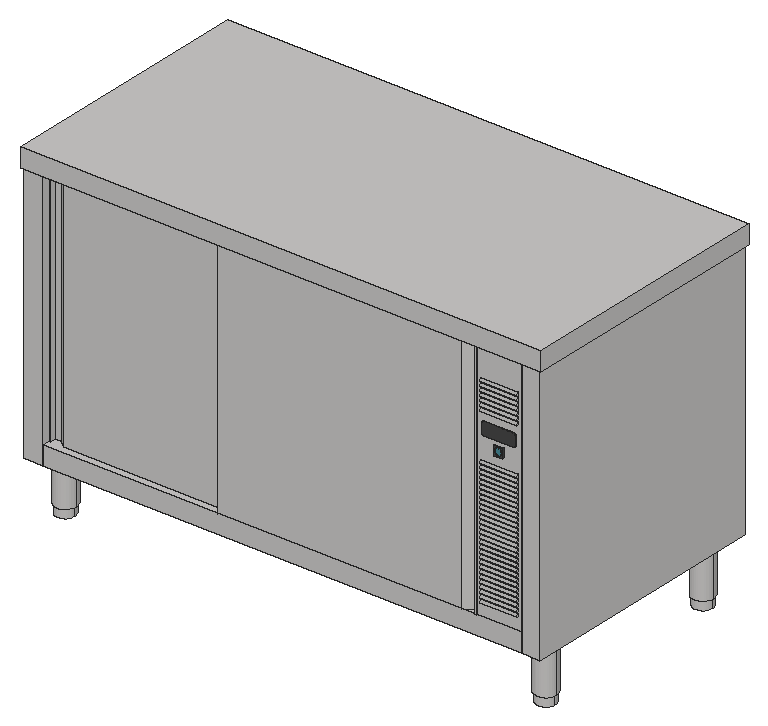
Revit family "QF_ELECTROLUXPROFESSIONAL_133098_TCD1400EN", category Attrezzature speciali, Revit 2020
Family settings
  Quota connettore circolare = Usa diametro
  Tipo di parte = Normale
  Basato su piano di lavoro = No
  Sempre verticale = Sì
  Taglio con vuoti quando caricato = No
  Condiviso = No
  Punto di calcolo locali = No
Parameters (values of type "Standard")
  Weight = 60.00 kg
  Watts = 2400 W
  Volts = 220 V
  URL Manufacturer = "https://www.electroluxprofessional.com/"
  URL = "https://www.electroluxprofessional.com/"
  Steam Supply Size = 0 mm
  Steam Supply Minimum Pressure = 0.0 Pa
  Steam Supply Maximum Pressure = 0.0 Pa
  Steam Consumption per Hour = 0
  Refrigeration Suction Line Size = 0.0 mm
  Refrigeration Liquid Line Size = 0.0 mm
  Refrigerant Compressor Remote = yes
  Prospetto di default = 0.0 mm
  Produttore = "Electrolux Professional"
  Phase = 1
  Modello = "TCD1400EN"
  Length Actual = 1400.0 mm  # constant formula
  Item Number = "133098"
  Hot Water Size = 0 mm
  Height Actual = 900.0 mm  # constant formula
  HP = "3.2 HP"
  Gas Size = 0 mm
  Gas KW = 0
  Gas Input Pressure = 0 W
  Direct Waste Size = 0 mm
  Descrizione = "HOT PASS-THROUGH CUPBOARD 1400 MM"
  Depth Actual = 700.0 mm  # constant formula
  Cycle = 50 Hz
  Condensate Return Size = 0 mm
  Compressed Air Volume = 0.0 L/s
  Compressed Air Size = 0 mm
  Compressed Air Pressure = 0.0 Pa
  Cold Water Size = 0 mm
  Accessory = yes
Reference planes
  plane 1 "Center (Front/Back)": y = 0
  plane 2: z = 0
  plane 3 "Center (Left/Right)": x = -200
  plane 4 "LEFT": x = -900
  plane 5 "RIGHT": x = 500
  plane 6 "BACK": y = 350
  plane 7 "FRONT": y = -350
  plane 8 "Base": z = 850
  plane 9 "TOP": z = 900
  plane 10: x = -846.5
  plane 11: x = 446.5
  plane 12: y = 264.5
  plane 13: y = -264.5
  plane 14 "BodyLeft": x = -894.5
  plane 15 "BodyFront": y = -344.5
  plane 16 "BodyRight": x = 494.5
  plane 17 "BodyBack": y = 344.5
  plane 18 "FEET": z = 150
  plane 19: x = 324.5
  plane 20: x = -261
  plane 21: x = 444.5
  plane 22: x = 400
  plane 23: y = -170
Forms (mm)
  Extrusion 1, solid, material "QF_Finishes_Stainless Steel"
    sketch origin (-200, 0, 0) x (0, 1, 0) y (0, 0, 1)
      loop
        line (-350, 850) -> (350, 850) -> (350, 900) -> (-350, 900) -> (-350, 850)
    from 700 to -700
  Extrusion 2, solid, material "QF_Finishes_Stainless Steel"
    sketch origin (0, 0, 150) x (-1, 0, 0) y (0, -1, 0)
      loop
        line (894.5, -344.5) -> (894.5, 344.5) -> (844.5, 344.5) -> (844.5, -344.5) -> (894.5, -344.5)
      loop
        line (-444.5, -344.5) -> (-444.5, 344.5) -> (-494.5, 344.5) -> (-494.5, -344.5) -> (-444.5, -344.5)
    from 0 to 700
  Extrusion 3, solid, material "QF_Finishes_Stainless Steel"
    sketch origin (0, 0, 150) x (-1, 0, 0) y (0, -1, 0)
      loop
        line (844.5, -344.5) -> (844.5, 344.5) -> (-444.5, 344.5) -> (-444.5, -344.5) -> (844.5, -344.5)
    from 0 to 50
  Extrusion 4, solid, material "QF_Finishes_Stainless Steel"
    sketch origin (-1, 0, 150) x (-1, 0, 0) y (0, -1, 0)
      loop
        line (-325.5, 344.5) -> (-325.5, 324.5) -> (370.5, 324.5) -> (370.5, 344.5) -> (-285.5, 344.5) -> (-305.5, 329.5) -> (-320.5, 329.5) -> (-320.5, 344.5) -> (-325.5, 344.5)
    from 50 to 700
  Extrusion 5, solid, material "QF_Finishes_Stainless Steel"
    sketch origin (1, 20, 150) x (1, 0, 0) y (0, 1, 0)
      loop
        line (-845.5, -344.5) -> (-840.5, -344.5) -> (-840.5, -329.5) -> (-825.5, -329.5) -> (-805.5, -344.5) -> (-151.5, -344.5) -> (-151.5, -324.5) -> (-845.5, -324.5) -> (-845.5, -344.5)
    from 50 to 700
  Extrusion 6, solid, material "QF_Finishes_Stainless Steel"
    sketch origin (0, 0, 0) x (1, 0, 0) y (0, 1, 0)
      loop
        line (-844.5, -304.5) -> (324.5, -304.5) -> (324.5, 304.5) -> (-844.5, 304.5) -> (-844.5, -304.5)
    from 500 to 540
  Extrusion 7, solid, material "QF_Finishes_Stainless Steel"
    sketch origin (-1, 0, 150) x (-1, 0, 0) y (0, -1, 0)
      loop
        line (-325.5, -344.5) -> (-320.5, -344.5) -> (-320.5, -329.5) -> (-305.5, -329.5) -> (-285.5, -344.5) -> (370.5, -344.5) -> (370.5, -324.5) -> (-325.5, -324.5) -> (-325.5, -344.5)
    from 50 to 700
  Extrusion 8, solid, material "QF_Finishes_Stainless Steel"
    sketch origin (1, -20, 150) x (1, 0, 0) y (0, 1, 0)
      loop
        line (-845.5, 344.5) -> (-845.5, 324.5) -> (-151.5, 324.5) -> (-151.5, 344.5) -> (-805.5, 344.5) -> (-825.5, 329.5) -> (-840.5, 329.5) -> (-840.5, 344.5) -> (-845.5, 344.5)
    from 50 to 700
  Extrusion 9, solid, material "QF_Finishes_Stainless Steel"
    sketch origin (0, 0, 0) x (1, 0, 0) y (0, 1, 0)
      loop
        line (444.5, 344.5) -> (324.5, 344.5) -> (324.5, 324.5) -> (444.5, 324.5) -> (444.5, 344.5)
    from 200 to 850
  Extrusion 10, solid, material "QF_Finishes_Stainless Steel"
    sketch origin (0, 0, 150) x (-1, 0, 0) y (0, -1, 0)
      loop
        circle (-400, 170) r 10
    from 0 to -5
Cuts and joins
  joined: Extrusion 3, Extrusion 9
Lines and regions (mm)
  symbolic lines
    curve 1: line (500, 350, 900) -> (-900, 350, 900)
    curve 2: line (-900, 350, 900) -> (-900, -350, 900)
    curve 3: line (-900, -350, 900) -> (500, -350, 900)
    curve 4: line (500, -350, 900) -> (500, 350, 900)
    curve 5: line (-900, 337, 900) -> (500, 337, 900)
  symbolic lines, style "SpecialityEquipmentHiddenLines"
    curve 6: line (-894.5, 344.5, 150) -> (494.5, 344.5, 150)
    curve 7: line (-894.5, -344.5, 150) -> (-894.5, 344.5, 150)
    curve 8: line (494.5, -344.5, 150) -> (-894.5, -344.5, 150)
    curve 9: line (494.5, 344.5, 150) -> (494.5, -344.5, 150)
    curve 10: line (-845.5, -304.5, 150) -> (-149.5, -304.5, 150)
    curve 11: line (-149.5, -304.5, 150) -> (-149.5, -324.5, 150)
    curve 12: line (-845.5, -324.5, 150) -> (444.5, -324.5, 150)
    curve 13: line (444.5, -324.5, 150) -> (444.5, -344.5, 150)
    curve 14: line (-845.5, -304.5, 150) -> (-845.5, -324.5, 150)
    curve 15: line (-371.5, -344.5, 0) -> (-371.5, -324.5, 0)
    curve 16: line (-845.5, 304.5, 150) -> (-149.5, 304.5, 150)
    curve 17: line (-845.5, 324.5, 150) -> (444.5, 324.5, 150)
    curve 18: line (-371.5, 344.5, 0) -> (-371.5, 324.5, 0)
    curve 19: line (-150.5, 304.5, 0) -> (-150.5, 324.5, 0)
Dimensions and locks
  plane 4 "LEFT" to plane 5 "RIGHT" = 1400.0 mm
  equal spacing: plane 4 "LEFT", plane 3 "Center (Left/Right)", plane 5 "RIGHT"
  locked: plane 8 "Base" to level at 850
  locked: plane 9 "TOP" to level at 900
  plane 6 "BACK" to plane 7 "FRONT" = 700.0 mm
  equal spacing: plane 6 "BACK", plane 1 "Center (Front/Back)", plane 7 "FRONT"
  locked: plane 4 "LEFT" to plane 14 "BodyLeft" at 5.5
  locked: plane 16 "BodyRight" to plane 5 "RIGHT" at 5.5
  locked: plane 15 "BodyFront" to plane 7 "FRONT" at 5.5
  locked: plane 6 "BACK" to plane 17 "BodyBack" at 5.5
  locked: plane 14 "BodyLeft" to plane 10 at 48
  locked: plane 11 to plane 16 "BodyRight" at 48
  locked: plane 13 to plane 15 "BodyFront" at 80
  locked: plane 17 "BodyBack" to plane 12 at 80
  plane 10 to plane 11 = 1293.0 mm
  plane 12 to plane 13 = 529.0 mm
  locked: plane 14 "BodyLeft" to Extrusion 2 sketch curve at 50
  locked: Extrusion 2 sketch curve to Extrusion 2 sketch curve at 50
  equal spacing: plane 10, plane 20, plane 19
  locked: plane 21 to plane 16 "BodyRight" at 50
  locked: plane 19 to plane 21 at 120
  locked: Extrusion 4 sketch curve to plane 20 at 110.5
  locked: plane 20 to Extrusion 5 sketch curve at 110.5
  locked: plane 18 "FEET" to level at 150
  locked: plane 22 to plane 5 "RIGHT" at 100
  locked: plane 23 to plane 7 "FRONT" at 180
  aligned and locked: level to plane 2
  aligned and locked: plane 10 to nested 1
  aligned and locked: nested 1 to plane 13
  aligned and locked: plane 11 to nested 2
  aligned and locked: nested 2 to plane 13
  aligned and locked: plane 11 to nested 4
  aligned and locked: nested 4 to plane 12
  aligned and locked: plane 10 to nested 3
  aligned and locked: nested 3 to plane 12
  aligned and locked: Extrusion 1 to plane 4 "LEFT"
  aligned and locked: plane 5 "RIGHT" to Extrusion 1
  aligned and locked: curve 2 to plane 4 "LEFT"
  aligned and locked: plane 17 "BodyBack" to Extrusion 2 sketch curve
  aligned and locked: Extrusion 2 sketch curve to plane 15 "BodyFront"
  aligned and locked: Extrusion 2 sketch curve to plane 14 "BodyLeft"
  aligned and locked: plane 16 "BodyRight" to Extrusion 2 sketch curve
  aligned and locked: Extrusion 2 sketch curve to plane 17 "BodyBack"
  aligned and locked: plane 15 "BodyFront" to Extrusion 2 sketch curve
  aligned and locked: Extrusion 3 sketch curve to plane 17 "BodyBack"
  aligned and locked: plane 15 "BodyFront" to Extrusion 3 sketch curve
  aligned and locked: plane 8 "Base" to Extrusion 2
  aligned and locked: plane 8 "Base" to Extrusion 4
  aligned and locked: Extrusion 4 to Extrusion 3
  aligned and locked: Extrusion 1 to plane 8 "Base"
  aligned and locked: plane 9 "TOP" to Extrusion 1
  aligned and locked: curve 6 to plane 17 "BodyBack"
  aligned and locked: plane 14 "BodyLeft" to curve 7
  aligned and locked: plane 15 "BodyFront" to curve 8
  aligned and locked: plane 16 "BodyRight" to curve 9
  aligned and locked: Extrusion 3 to Extrusion 2  (x2)
  aligned and locked: Extrusion 6 sketch curve to Extrusion 2
  aligned and locked: Extrusion 6 sketch curve to Extrusion 5
  aligned and locked: curve 19 to Extrusion 8
  aligned and locked: curve 18 to Extrusion 7
  aligned and locked: nested 5 to plane 21
  aligned and locked: Extrusion 6 sketch curve to plane 19
Automatic sketch dimensions
  Extrusion 7 sketch curve to plane 19 = 0.0 mm
  Extrusion 7 sketch curve to plane 17 "BodyBack" = 0.0 mm  (x2)
  Extrusion 7 sketch curve to Extrusion 7 sketch curve = 5.0 mm
  Extrusion 7 sketch curve to Extrusion 7 sketch curve = 15.0 mm
  Extrusion 7 sketch curve to Extrusion 7 sketch curve = 20.0 mm
  plane 17 "BodyBack" to Extrusion 7 sketch curve = 20.0 mm
  plane 20 to Extrusion 7 sketch curve = 110.5 mm
  plane 17 "BodyBack" to Extrusion 7 sketch curve = 15.0 mm
  curve 15 to plane 15 "BodyFront" = 0.0 mm
  plane 15 "BodyFront" to curve 15 = 20.0 mm
  curve 15 to plane 20 = 110.5 mm
  curve 3 to plane 7 "FRONT" = 0.0 mm
  curve 5 to plane 5 "RIGHT" = 0.0 mm
  curve 4 to plane 6 "BACK" = 0.0 mm
  curve 5 to plane 17 "BodyBack" = 7.5 mm
  Extrusion 1 sketch curve to plane 7 "FRONT" = 0.0 mm
  Extrusion 1 sketch curve to plane 6 "BACK" = 0.0 mm
  Extrusion 1 sketch curve to plane 8 "Base" = 0.0 mm
  Extrusion 1 sketch curve to plane 9 "TOP" = 0.0 mm
  Extrusion 3 sketch curve to plane 21 = 0.0 mm
  plane 10 to Extrusion 3 sketch curve = 2.0 mm
  Extrusion 4 sketch curve to plane 19 = 0.0 mm
  Extrusion 4 sketch curve to plane 15 "BodyFront" = 0.0 mm  (x2)
  Extrusion 4 sketch curve to Extrusion 4 sketch curve = 5.0 mm
  Extrusion 4 sketch curve to Extrusion 4 sketch curve = 15.0 mm  (x2)
  Extrusion 4 sketch curve to Extrusion 4 sketch curve = 20.0 mm  (x2)
  Extrusion 5 sketch curve to plane 15 "BodyFront" = 20.0 mm  (x2)
  Extrusion 5 sketch curve to plane 10 = 42.0 mm
  Extrusion 5 sketch curve to plane 10 = 22.0 mm
  Extrusion 5 sketch curve to plane 10 = 7.0 mm
  Extrusion 5 sketch curve to plane 10 = 2.0 mm
  Extrusion 5 sketch curve to Extrusion 5 sketch curve = 15.0 mm
  Extrusion 5 sketch curve to Extrusion 5 sketch curve = 20.0 mm
  curve 13 to plane 21 = 0.0 mm
  curve 17 to plane 21 = 0.0 mm
  curve 8 to plane 15 "BodyFront" = 0.0 mm
  plane 3 "Center (Left/Right)" to curve 10 = 50.5 mm
  plane 10 to curve 12 = 1.0 mm
  plane 15 "BodyFront" to curve 10 = 40.0 mm
  curve 12 to curve 13 = 20.0 mm
  plane 3 "Center (Left/Right)" to curve 16 = 50.5 mm
  plane 10 to curve 17 = 1.0 mm
  plane 10 to curve 16 = 1.0 mm
  curve 17 to plane 17 "BodyBack" = 20.0 mm
  plane 12 to curve 16 = 40.0 mm
  plane 12 to Extrusion 6 sketch curve = 40.0 mm
  plane 10 to Extrusion 8 sketch curve = 2.0 mm
  Extrusion 8 sketch curve to Extrusion 8 sketch curve = 5.0 mm
  Extrusion 8 sketch curve to Extrusion 8 sketch curve = 15.0 mm  (x2)
  Extrusion 8 sketch curve to plane 17 "BodyBack" = 20.0 mm  (x2)
  Extrusion 8 sketch curve to Extrusion 8 sketch curve = 20.0 mm  (x2)
  plane 3 "Center (Left/Right)" to Extrusion 8 sketch curve = 49.5 mm
  curve 18 to plane 17 "BodyBack" = 0.0 mm
  curve 18 to plane 17 "BodyBack" = 20.0 mm
  plane 12 to curve 19 = 40.0 mm
  curve 19 to curve 19 = 20.0 mm
  Extrusion 9 sketch curve to plane 17 "BodyBack" = 0.0 mm
  Extrusion 9 sketch curve to plane 19 = 0.0 mm
  Extrusion 9 sketch curve to plane 21 = 0.0 mm
  Extrusion 9 sketch curve to plane 17 "BodyBack" = 20.0 mm
  Extrusion 10 sketch curve to plane 22 = 0.0 mm
  Extrusion 10 sketch curve to plane 23 = 0.0 mm
  radius of Extrusion 10 sketch curve = 10.0 mm
Nested families
  nested 1: "FEET_D58-150" at (-846.5, -264.5, 0), type "FEET_D58-150"
  nested 2: "FEET_D58-150" at (446.5, -264.5, 0), type "FEET_D58-150"
  nested 3: "FEET_D58-150" at (-846.5, 264.5, 0), type "FEET_D58-150"
  nested 4: "FEET_D58-150" at (446.5, 264.5, 0), type "FEET_D58-150"
  nested 5: "WT_PNL120x650" at (531.42, -304.5, 600) x (1, 0, 0) z (0, -1, 0), type "WT_PNL120x650"
    with Show Logo yes
Connectors
  electrical at (400, -170, 145)
    settings: on Extrusion 10, index 1, voltage 0 V, apparent load 0 VA, apparent load phase1 0 VA, apparent load phase2 0 VA, apparent load phase3 0 VA, power factor 1, load classification "Other", number of poles 1, system type 30, power factor state 1, is connector primary yes, connector utility no, sub classification motor no, connector description "Electrical connection"
Definition of nested family "FEET_D58-150"
  Parameters
    Default Elevation = 0.0 mm
    FEET = 150.0 mm
  Reference planes
    plane 1 "Center (Front/Back)": y = 0
    plane 2: z = 0
    plane 3 "Center (Left/Right)": x = 0
    plane 4: z = 150
  Forms (mm)
    Extrusion 1, solid
      sketch origin (0, 0, 0) x (1, 0, 0) y (0, 1, 0)
        loop
          circle (0, 0) r 25
      from 0 to 25
    Extrusion 2, solid
      sketch origin (0, 0, 0) x (1, 0, 0) y (0, 1, 0)
        loop
          circle (0.061, 0) r 29
      from 25 to 150 <- "FEET"
  Lines and regions (mm)
    symbolic lines
      curve 1: line (0, -1.503, 0) -> (0, 1.508, 0)
      curve 2: line (1.561, 0, 0) -> (-1.439, 0, 0)
  Dimensions and locks
    "FEET": plane 4 to plane 2
    aligned and locked: level to plane 2
  Automatic sketch dimensions
    plane 1 "Center (Front/Back)" to Extrusion 1 sketch curve = 0.0 mm
    Extrusion 1 sketch curve to plane 3 "Center (Left/Right)" = 0.0 mm
    plane 1 "Center (Front/Back)" to curve 2 = 0.0 mm
    curve 1 to plane 3 "Center (Left/Right)" = 0.0 mm
    curve 2 to plane 3 "Center (Left/Right)" = 1.439 mm
    plane 3 "Center (Left/Right)" to curve 2 = 1.561 mm
    plane 1 "Center (Front/Back)" to curve 1 = 1.503 mm
    curve 1 to plane 1 "Center (Front/Back)" = 1.508 mm
    plane 1 "Center (Front/Back)" to Extrusion 2 sketch curve = 0.0 mm
    plane 3 "Center (Left/Right)" to Extrusion 2 sketch curve = 0.061 mm
    radius of Extrusion 1 sketch curve = 25.0 mm
    radius of Extrusion 2 sketch curve = 29.0 mm
Definition of nested family "WT_PNL120x650"
  Parameters
    Show Logo [instance] = yes
    Default Elevation = 1219.2 mm
  Reference planes
    plane 1 "Center (Front/Back)": y = -75
    plane 2: z = 0
    plane 3 "Center (Left/Right)": x = -146.92
    plane 4: x = -206.92
    plane 5: x = -86.92
    plane 6: y = 250
    plane 7: y = -400
    plane 8 "TOP": z = 40
  Forms (mm)
    Extrusion 1, solid
      sketch origin (0, 0, 0) x (1, 0, 0) y (0, 1, 0)
        loop
          line (-1219.2, 1219.2) -> (-1219.2, -1219.2) -> (1219.2, -1219.2) -> (1219.2, 1219.2) -> (-1219.2, 1219.2)
      from 0 to -304.8
    Extrusion 2, solid
      sketch origin (0, 0, 0) x (1, 0, 0) y (0, 1, 0)
        loop
          line (-206.92, 250) -> (-206.92, -400) -> (-86.92, -400) -> (-86.92, 250) -> (-206.92, 250)
      from 0 to 40
    Extrusion 3, void
      sketch origin (0, 0, 40) x (-1, 0, 0) y (0, -1, 0)
        loop
          arc (101.92, -68.899) -> (103.795, -73.256) -> (108.247, -74.89) r 6
          line (108.247, -74.89) -> (185.92, -74.89)
          arc (185.92, -74.89) -> (190.163, -73.133) -> (191.92, -68.89) r 6
          line (191.92, -68.89) -> (191.92, -45.89)
          arc (191.92, -45.89) -> (190.163, -41.648) -> (185.92, -39.89) r 6
          line (185.92, -39.89) -> (107.92, -39.89)
          arc (107.92, -39.89) -> (103.677, -41.648) -> (101.92, -45.89) r 6
          line (101.92, -45.89) -> (101.92, -68.899)
        loop
          line (158.92, -27.89) -> (158.92, -2.89) -> (134.92, -2.89) -> (134.92, -27.89) -> (158.92, -27.89)
      from -2 to 0
    Extrusion 4, solid
      sketch origin (0, 0, 40) x (-1, 0, 0) y (0, -1, 0)
        loop
          line (185.92, -39.89) -> (107.92, -39.89)
          arc (107.92, -39.89) -> (103.677, -41.648) -> (101.92, -45.89) r 6
          line (101.92, -45.89) -> (101.92, -68.899)
          arc (101.92, -68.899) -> (103.795, -73.256) -> (108.247, -74.89) r 6
          line (108.247, -74.89) -> (185.92, -74.89)
          arc (185.92, -74.89) -> (190.163, -73.133) -> (191.92, -68.89) r 6
          line (191.92, -68.89) -> (191.92, -45.89)
          arc (191.92, -45.89) -> (190.163, -41.648) -> (185.92, -39.89) r 6
      from -2 to 1
    Extrusion 5, solid
      sketch origin (-146.92, 0, 0) x (0, 1, 0) y (0, 0, 1)
        loop
          line (95.896, 40) -> (104.899, 40) -> (95.896, 41.206) -> (95.896, 40)
        loop
          line (107.896, 40) -> (116.899, 40) -> (107.896, 41.206) -> (107.896, 40)
        loop
          line (119.896, 40) -> (128.899, 40) -> (119.896, 41.206) -> (119.896, 40)
        loop
          line (131.896, 40) -> (140.899, 40) -> (131.896, 41.206) -> (131.896, 40)
        loop
          line (143.896, 40) -> (152.899, 40) -> (143.896, 41.206) -> (143.896, 40)
        loop
          line (155.896, 40) -> (164.899, 40) -> (155.896, 41.206) -> (155.896, 40)
        loop
          line (167.896, 40) -> (176.899, 40) -> (167.896, 41.206) -> (167.896, 40)
        loop
          line (-102.104, 40) -> (-93.101, 40) -> (-102.104, 41.206) -> (-102.104, 40)
        loop
          line (-90.104, 40) -> (-81.101, 40) -> (-90.104, 41.206) -> (-90.104, 40)
        loop
          line (-78.104, 40) -> (-69.101, 40) -> (-78.104, 41.206) -> (-78.104, 40)
        loop
          line (-66.104, 40) -> (-57.101, 40) -> (-66.104, 41.206) -> (-66.104, 40)
        loop
          line (-54.104, 40) -> (-45.101, 40) -> (-54.104, 41.206) -> (-54.104, 40)
        loop
          line (-42.104, 40) -> (-33.101, 40) -> (-42.104, 41.206) -> (-42.104, 40)
        loop
          line (-30.104, 40) -> (-21.101, 40) -> (-30.104, 41.206) -> (-30.104, 40)
        loop
          line (-174.104, 40) -> (-165.101, 40) -> (-174.104, 41.206) -> (-174.104, 40)
        loop
          line (-162.104, 40) -> (-153.101, 40) -> (-162.104, 41.206) -> (-162.104, 40)
        loop
          line (-150.104, 40) -> (-141.101, 40) -> (-150.104, 41.206) -> (-150.104, 40)
        loop
          line (-138.104, 40) -> (-129.101, 40) -> (-138.104, 41.206) -> (-138.104, 40)
        loop
          line (-126.104, 40) -> (-117.101, 40) -> (-126.104, 41.206) -> (-126.104, 40)
        loop
          line (-114.104, 40) -> (-105.101, 40) -> (-114.104, 41.206) -> (-114.104, 40)
        loop
          line (-246.104, 40) -> (-237.101, 40) -> (-246.104, 41.206) -> (-246.104, 40)
        loop
          line (-234.104, 40) -> (-225.101, 40) -> (-234.104, 41.206) -> (-234.104, 40)
        loop
          line (-222.104, 40) -> (-213.101, 40) -> (-222.104, 41.206) -> (-222.104, 40)
        loop
          line (-210.104, 40) -> (-201.101, 40) -> (-210.104, 41.206) -> (-210.104, 40)
        loop
          line (-198.104, 40) -> (-189.101, 40) -> (-198.104, 41.206) -> (-198.104, 40)
        loop
          line (-186.104, 40) -> (-177.101, 40) -> (-186.104, 41.206) -> (-186.104, 40)
        loop
          line (-318.104, 40) -> (-309.101, 40) -> (-318.104, 41.206) -> (-318.104, 40)
        loop
          line (-306.104, 40) -> (-297.101, 40) -> (-306.104, 41.206) -> (-306.104, 40)
        loop
          line (-294.104, 40) -> (-285.101, 40) -> (-294.104, 41.206) -> (-294.104, 40)
        loop
          line (-282.104, 40) -> (-273.101, 40) -> (-282.104, 41.206) -> (-282.104, 40)
        loop
          line (-270.104, 40) -> (-261.101, 40) -> (-270.104, 41.206) -> (-270.104, 40)
        loop
          line (-258.104, 40) -> (-249.101, 40) -> (-258.104, 41.206) -> (-258.104, 40)
        loop
          line (-366.104, 40) -> (-357.101, 40) -> (-366.104, 41.206) -> (-366.104, 40)
        loop
          line (-354.104, 40) -> (-345.101, 40) -> (-354.104, 41.206) -> (-354.104, 40)
        loop
          line (-342.104, 40) -> (-333.101, 40) -> (-342.104, 41.206) -> (-342.104, 40)
        loop
          line (-330.104, 40) -> (-321.101, 40) -> (-330.104, 41.206) -> (-330.104, 40)
      from -50 to 50
    Extrusion 6, solid
      sketch origin (0, 0, 40) x (-1, 0, 0) y (0, -1, 0)
        loop
          line (134.92, -27.89) -> (158.92, -27.89) -> (158.92, -2.89) -> (134.92, -2.89) -> (134.92, -27.89)
        loop
          circle (146.92, -15.39) r 9
      from -2 to 3
    Extrusion 7, solid
      sketch origin (0, 0, 40) x (-1, 0, 0) y (0, -1, 0)
        loop
          circle (146.92, -15.39) r 9
      from 0 to 3
  Cuts and joins
    Extrusion 3 cuts Extrusion 2
  Dimensions and locks
    equal spacing: plane 6, plane 1 "Center (Front/Back)", plane 7
    equal spacing: plane 4, plane 3 "Center (Left/Right)", plane 5
    plane 8 "TOP" to level = 40.0 mm
    aligned and locked: plane 2 to Extrusion 1
    aligned and locked: level to Extrusion 1
  Automatic sketch dimensions
    Extrusion 1 sketch curve to Extrusion 1 sketch curve = 2438.4 mm  (x2)
    Extrusion 2 sketch curve to plane 4 = 0.0 mm
    Extrusion 2 sketch curve to plane 5 = 0.0 mm
    Extrusion 2 sketch curve to plane 7 = 0.0 mm
    Extrusion 2 sketch curve to plane 6 = 0.0 mm
    Extrusion 5 sketch curve to plane 8 "TOP" = 0.0 mm  (x36)
    Extrusion 5 sketch curve to Extrusion 5 sketch curve = 9.003 mm  (x35)
    plane 8 "TOP" to Extrusion 5 sketch curve = 1.206 mm  (x22)
    Extrusion 5 sketch curve to Extrusion 5 sketch curve = 2.997 mm  (x33)
    plane 1 "Center (Front/Back)" to Extrusion 5 sketch curve = 6.101 mm
    plane 1 "Center (Front/Back)" to Extrusion 5 sketch curve = 3.104 mm
    Extrusion 5 sketch curve to plane 1 "Center (Front/Back)" = 5.899 mm
    Extrusion 5 sketch curve to Extrusion 5 sketch curve = 116.997 mm
    Extrusion 5 sketch curve to Extrusion 5 sketch curve = 1.206 mm  (x14)
    Extrusion 4 sketch curve to plane 5 = 15.0 mm
    Extrusion 4 sketch curve to Extrusion 4 sketch curve = 6.0 mm  (x3)
    Extrusion 4 sketch curve to Extrusion 4 sketch curve = 0.327 mm
    plane 4 to Extrusion 4 sketch curve = 21.0 mm  (x2)
    Extrusion 4 sketch curve to plane 1 "Center (Front/Back)" = 149.89 mm
    Extrusion 4 sketch curve to Extrusion 4 sketch curve = 23.009 mm
    Extrusion 3 sketch curve to plane 5 = 15.0 mm
    Extrusion 3 sketch curve to Extrusion 3 sketch curve = 6.0 mm  (x3)
    Extrusion 3 sketch curve to Extrusion 3 sketch curve = 0.327 mm
    plane 3 "Center (Left/Right)" to Extrusion 3 sketch curve = 12.0 mm
    Extrusion 3 sketch curve to plane 3 "Center (Left/Right)" = 12.0 mm
    plane 4 to Extrusion 3 sketch curve = 21.0 mm  (x2)
    Extrusion 3 sketch curve to plane 1 "Center (Front/Back)" = 149.89 mm
    Extrusion 3 sketch curve to Extrusion 3 sketch curve = 23.0 mm
    Extrusion 3 sketch curve to Extrusion 3 sketch curve = 12.0 mm
    Extrusion 3 sketch curve to Extrusion 3 sketch curve = 25.0 mm
    Extrusion 6 sketch curve to plane 3 "Center (Left/Right)" = 0.0 mm
    plane 3 "Center (Left/Right)" to Extrusion 6 sketch curve = 12.0 mm
    Extrusion 6 sketch curve to plane 3 "Center (Left/Right)" = 12.0 mm
    Extrusion 6 sketch curve to plane 1 "Center (Front/Back)" = 102.89 mm
    Extrusion 6 sketch curve to Extrusion 6 sketch curve = 12.5 mm  (x2)
    Extrusion 7 sketch curve to plane 3 "Center (Left/Right)" = 0.0 mm
    Extrusion 7 sketch curve to plane 1 "Center (Front/Back)" = 90.39 mm
    radius of Extrusion 6 sketch curve = 9.0 mm
    radius of Extrusion 7 sketch curve = 9.0 mm
